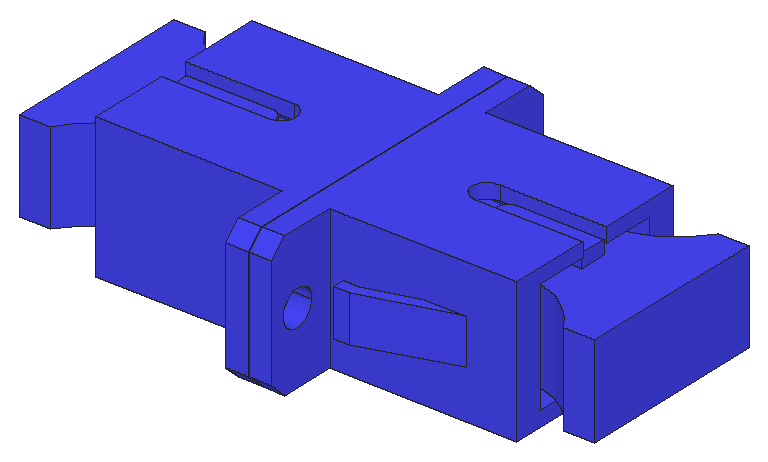
Revit family "ITK Проходной адаптер SC-SC_SM-MM_Simplex", category Обобщенные модели, Revit 2019
Family settings
  Может служить основой для арматурных стержней = Нет
  Размер круглого соединителя = Использовать диаметр
  Тип детали = Нормальный
  На основе рабочей плоскости = Нет
  Всегда вертикально = Да
  При загрузке вырезать с полостями = Нет
  Общий = Нет
  Точка расчета площади = Нет
Parameters (values of type "UPC")
  Ширина = 37 mm  # constant formula
  Степень защиты = ""
  Материал = Пластик синий
  Изготовитель = "ITK"  # constant formula
  Дата изменения = ""
  URL = "https://www.iek.ru/"
  KSI_CPr_Строительные изделия = "61.1.03.04"  # constant formula
  KSI_CMa_Строительные материалы = "01.7.14.02"  # constant formula
  IEK_Цена за единицу = 29
  IEK_Поиск в таблице имен = ""
  IEK_Описание = "Качественное, надежное соединение для передачи сигнала.\r\nБольшой ресурс включений - 500.\r\nВысококачественный материал продукции.\r\nБольшой диапазон температур от -40°C до +75°C."
  IEK_URL = "https://www.itk-group.ru/produktsiya/catalog/oborudovanie_telekommunikatsionnoe/komponenty_sks_opticheskie/komponenty_sks_opticheskie/opticheskie_adaptery/itk_prokhodnoy_adapter_sc_sc_sm_mm_upc_simplex"
  ADSK_Примечание = ""
  ADSK_Позиция [instance] = ""
  ADSK_Наименование = "ITK Проходной адаптер SC-SC, (SM/MM), UPC, (Simplex)"
  ADSK_Материал обозначение = ""
  ADSK_Материал наименование = "Пластик"  # constant formula
  ADSK_Масса = 0
  ADSK_Марка = ""  # constant formula
  ADSK_Код изделия = "FC1-SCUSCU1C-SM"
  ADSK_Завод-изготовитель = "IEK"  # constant formula
  ADSK_Единица измерения = "шт"  # constant formula
  ADSK_Группирование = "I. ЩИТЫ И ПУЛЬТЫ"  # constant formula
  ADSK_Версия семейства = "1.0"  # constant formula
  ADSK_Версия Revit = "2019"  # constant formula
  ADSK_URL страницы изделия = "https://www.itk-group.ru/produktsiya/catalog/oborudovanie_telekommunikatsionnoe/komponenty_sks_opticheskie/komponenty_sks_opticheskie/opticheskie_adaptery/"
Types (2, lengths in mm): name | Материал | IEK_Цена за единицу | IEK_URL | ADSK_Наименование | ADSK_Код изделия
  APC | Пластик зеленый | 31.87 | "https://www.itk-group.ru/produktsiya/catalog/oborudovanie_telekommunikatsionnoe/komponenty_sks_opticheskie/komponenty_sks_opticheskie/opticheskie_adaptery/itk_prokhodnoy_adapter_sc_sc_sm_mm_apc_simplex" | "ITK Проходной адаптер SC-SC, (SM/MM), APC, (Simplex)" | "FC1-SCASCA1C-SM"
  UPC | Пластик синий | 29 | "https://www.itk-group.ru/produktsiya/catalog/oborudovanie_telekommunikatsionnoe/komponenty_sks_opticheskie/komponenty_sks_opticheskie/opticheskie_adaptery/itk_prokhodnoy_adapter_sc_sc_sm_mm_upc_simplex" | "ITK Проходной адаптер SC-SC, (SM/MM), UPC, (Simplex)" | "FC1-SCUSCU1C-SM"
Reference planes
  plane 1 "По центру (Вперед/Назад)": y = 0
  plane 2: z = 0
  plane 3 "По центру (Влево/Вправо)": x = 0
  plane 4: z = 9.3
  plane 5: x = -18.7
  plane 6: x = 18.7
Forms (mm)
  Extrusion 1, solid, material "Пластик синий" <- "Материал", detail levels fine
    sketch origin (0, 0, 0) x (0, 1, 0) y (0, 0, 1)
      loop
        line (11, 8.3) -> (10, 9.3) -> (-10, 9.3) -> (-11, 8.3) -> (-11, 1) -> (-10, 0) -> (10, 0) -> (11, 1) -> (11, 8.3)
      loop
        circle (8.951, 4.65) r 1.182
      loop
        circle (-8.951, 4.65) r 1.182
      loop
        line (4.5, 8.35) -> (-4.5, 8.35) -> (-4.5, 0.95) -> (4.5, 0.95) -> (4.5, 8.35)
    from 0 to -13.7
  Extrusion 2, void
    sketch origin (0, 0, 0) x (1, 0, 0) y (0, 1, 0)
      loop
        line (-1.5, 6.35) -> (-1.5, 11) -> (-13.7, 11) -> (-13.7, 6.35) -> (-1.5, 6.35)
      loop
        line (-1.5, -6.35) -> (-13.7, -6.35) -> (-13.7, -11) -> (-1.5, -11) -> (-1.5, -6.35)
    from 0 to 9.3
  Extrusion 3, void
    sketch origin (0, 0, 0) x (1, 0, 0) y (0, 1, 0)
      loop
        line (-6.7, 1) -> (-13.7, 1) -> (-13.7, -1) -> (-6.7, -1)
        arc (-6.7, -1) -> (-5.7, 0) -> (-6.7, 1) r 1
      loop
        arc (6.7, 1) -> (5.7, 0) -> (6.7, -1) r 1
        line (6.7, -1) -> (13.7, -1) -> (13.7, 1) -> (6.7, 1)
    from 8.35 to 9.3
  Extrusion 4, solid, material "Пластик синий" <- "Материал", detail levels fine
    sketch origin (0, 0, 0) x (0, 1, 0) y (0, 0, -1)
      loop
        line (11, -8.3) -> (11, -1) -> (10, 0) -> (-10, 0) -> (-11, -1) -> (-11, -8.3) -> (-10, -9.3) -> (10, -9.3) -> (11, -8.3)
      loop
        circle (8.951, -4.65) r 1.182
      loop
        circle (-8.951, -4.65) r 1.182
      loop
        line (4.5, -8.35) -> (4.5, -0.95) -> (-4.5, -0.95) -> (-4.5, -8.35) -> (4.5, -8.35)
    from 0 to -13.7
  Extrusion 5, void
    sketch origin (0, 0, 0) x (-1, 0, 0) y (0, -1, 0)
      loop
        line (-1.5, -6.35) -> (-13.7, -6.35) -> (-13.7, -11) -> (-1.5, -11) -> (-1.5, -6.35)
      loop
        line (-1.5, 6.35) -> (-1.5, 11) -> (-13.7, 11) -> (-13.7, 6.35) -> (-1.5, 6.35)
    from 0 to 9.3
  Extrusion 6, solid, material "Пластик синий" <- "Материал", detail levels fine
    sketch origin (0, 0, 0) x (1, 0, 0) y (0, 1, 0)
      loop
        line (-13.6, 0.9) -> (-13.6, -0.9) -> (-8.1, -0.9)
        arc (-8.1, -0.9) -> (-7.464, -0.636) -> (-7.2, 0) r 0.9
        arc (-7.2, 0) -> (-7.464, 0.636) -> (-8.1, 0.9) r 0.9
        line (-8.1, 0.9) -> (-13.6, 0.9)
      loop
        line (13.6, -0.9) -> (13.6, 0.9) -> (8.1, 0.9)
        arc (8.1, 0.9) -> (7.464, 0.636) -> (7.2, 0) r 0.9
        arc (7.2, 0) -> (7.464, -0.636) -> (8.1, -0.9) r 0.9
        line (8.1, -0.9) -> (13.6, -0.9)
    from 7.65 to 8.55
  Extrusion 7, solid, material "Пластик синий" <- "Материал", detail levels fine
    sketch origin (0, 0, 0) x (1, 0, 0) y (0, 1, 0)
      loop
        line (-16.7, 6.25) -> (-18.7, 6.25) -> (-18.7, -6.25) -> (-16.7, -6.25)
        arc (-16.7, -6.25) -> (-14.786, -4.289) -> (-12.2, -3.384) r 6
        line (-12.2, -3.384) -> (-12.2, -1.8) -> (-3.2, -1.8) -> (-3.2, 1.8) -> (-12.2, 1.8) -> (-12.2, 3.384)
        arc (-12.2, 3.384) -> (-14.786, 4.289) -> (-16.7, 6.25) r 6
      loop
        line (18.7, 6.25) -> (16.7, 6.25)
        arc (16.7, 6.25) -> (14.786, 4.289) -> (12.2, 3.384) r 6
        line (12.2, 3.384) -> (12.2, 1.8) -> (3.2, 1.8) -> (3.2, -1.8) -> (12.2, -1.8) -> (12.2, -3.384)
        arc (12.2, -3.384) -> (14.786, -4.289) -> (16.7, -6.25) r 6
        line (16.7, -6.25) -> (18.7, -6.25) -> (18.7, 6.25)
    from 1.65 to 7.65
  Extrusion 8, solid, material "Пластик синий" <- "Материал", detail levels fine
    sketch origin (0, 0, 0) x (1, 0, 0) y (0, 1, 0)
      loop
        line (4.255, 7.4) -> (7.677, 6.35) -> (10.365, 6.35) -> (4.3, 8.211) -> (3.3, 8.211) -> (3.3, 7.4) -> (4.255, 7.4)
      loop
        line (4.255, -7.4) -> (3.3, -7.4) -> (3.3, -8.211) -> (4.3, -8.211) -> (10.365, -6.35) -> (7.677, -6.35) -> (4.255, -7.4)
    from 3.15 to 6.15
  Extrusion 9, solid, material "Условный материал-отделка", detail levels coarse+medium
    sketch origin (0, 0, 0) x (1, 0, 0) y (0, 1, 0)
      loop
        line (-18.7, 11) -> (-18.7, -11) -> (18.7, -11) -> (18.7, 11) -> (-18.7, 11)
    from 0 to 9.3
Cuts and joins
  Extrusion 2, Extrusion 3, Extrusion 5 cuts Extrusion 1
  Extrusion 3, Extrusion 5 cuts Extrusion 4
Dimensions and locks
  aligned and locked: level to plane 2
  aligned and locked: Extrusion 1 to Extrusion 2 sketch curve
  aligned and locked: Extrusion 2 sketch curve to Extrusion 1
  aligned and locked: Extrusion 2 to plane 4
  aligned and locked: Extrusion 3 to plane 4
  aligned and locked: Extrusion 5 sketch curve to Extrusion 4  (x2)
  aligned and locked: plane 6 to Extrusion 9 sketch curve
  aligned and locked: plane 5 to Extrusion 9 sketch curve
  aligned and locked: Extrusion 9 to plane 4
